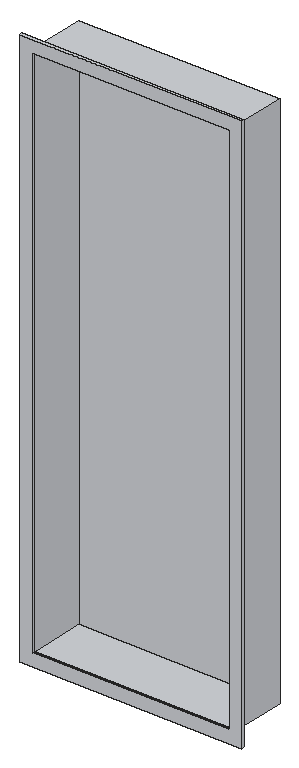
Revit family "Hager-Volta-IP30-Hollow_wall-empty-NoHosted-CH-en", category Electrical Equipment, Revit 2020
Family settings
  Panel Configuration = Two Columns, Circuits Across
  Round Connector Dimension = Use Diameter
  Part Type = Panelboard
  Work Plane-Based = Yes
  Always vertical = Yes
  Cut with Voids When Loaded = No
  Shared = No
  Room Calculation Point = No
Parameters (values of type "Recessed mounted  W330 H880 D94.5 12 Modular spacings - VH60NK")
  Width Control [instance] = if([HG000006 - Flush mounted], if([EF000846 - Built-in width] > min_whd, [EF000846 - Built-in width], min_whd), if([EF000008 - Width] > min_whd, ([EF000008 - Width]), min_whd))  # 314 mm
  Void Depth [instance] = if([EF000218 - Built-in depth] > 1 mm, [EF000218 - Built-in depth], 1 mm)  # 90 mm
  Type Comments = [HG000003 - Range]  # "Volta"
  System Height [instance] = Height Control - 2 * [HG000005 - Thickness]  # 840 mm
  Panel Name [instance] = ""  # (empty or 0)
  Offset [instance] = 0 mm
  Model = [HG000004 - Manufacturer reference]  # "VH60NK"
  Level Offset [instance] = [Flush Mounted - Door Frame Width] + Offset  # 34 mm
  HG000017 - Distance between poles = 18 mm
  HG000016 - Door 3d visibility [instance] = yes
  HG000015 - Clearance visibility [instance] = no
  HG000014 - Door on the right [instance] = yes
  HG000013 - Door on the left [instance] = not([HG000014 - Door on the right])  # no
  HG000012 - Door swing angle [instance] = 45.00°
  HG000011 - Empty rows from bottom = no
  HG000010 - Asymmetric doors = no
  HG000009 - Double swing door = no
  HG000008 - Number of empty rows = 0
  HG000007 - Number of empty columns = 0
  HG000006 - Flush mounted = yes
  HG000005 - Thickness = 3 mm  # constant formula
  HG000004 - Manufacturer reference = "VH60NK"
  HG000003 - Range = "Volta"
  HG000002 - With door or cover = no
  HG000001 - Number of columns = 0
  EF015941 - Signal passing door = no
  EF015777 - Neutral terminal block = no
  EF015776 - Earthing terminal block = no
  EF009212 - Cover model = "EV000116 - Closed"
  EF006306 - With lock = no
  EF006244 - Transparent cover/door = no
  EF005474 - Degree of protection (IP) = ""
  EF004462 - Type of closure = ""
  EF002950 - Width in number of modular spacings = 12
  EF001596 - Material housing = "EV000139 - Plastic"
  EF001134 - DIN-rail = no
  EF001131 - Internal depth = 92 mm
  EF001088 - Extension possible = yes
  EF001062 - EMC-version = yes
  EF000846 - Built-in width = 314 mm
  EF000339 - Type of cover = ""
  EF000332 - Built-in height = 846 mm
  EF000266 - Number of rows = 5
  EF000218 - Built-in depth = 90 mm
  EF000118 - With mounting plate = no
  EF000116 - RAL-number = "9010"
  EF000049 - Depth = 94 mm
  EF000040 - Height = 880 mm
  EF000008 - Width = 330 mm
  EF000007 - Colour = "EV000202 - White"
  EF000003 - Mounting method = "EV000128 - Hollow wall"
  Description = ""
  Default Elevation = 1219.2 mm
  Arrow Offset [instance] = Depth Control / 8  # 11.25 mm
  Arrow Height [instance] = Depth Control - Arrow Offset  # 78.75 mm
  Host Offset [instance] = if([HG000006 - Flush mounted], 0 mm, [EF000049 - Depth])  # 0 mm
  min_whd [instance] = (2 * [HG000005 - Thickness]) + 1 mm  # 7 mm
  Manufacturer = "Hager"  # constant formula
  Height Control [instance] = if([HG000006 - Flush mounted], if([EF000332 - Built-in height] > min_whd, [EF000332 - Built-in height], min_whd), if([EF000040 - Height] > min_whd, ([EF000040 - Height]), min_whd))  # 846 mm
  Flush Mounted - Door Frame Width [instance] = if(([EF000040 - Height] - [EF000332 - Built-in height]) > 0 mm, if([HG000006 - Flush mounted], [EF000040 - Height] - [EF000332 - Built-in height], 0 mm), 0 mm)  # 34 mm
  Depth Control [instance] = if([HG000006 - Flush mounted], if([EF000218 - Built-in depth] > 0 mm, [EF000218 - Built-in depth], 1 mm), if([EF000049 - Depth] > 0 mm, ([EF000049 - Depth]), 1 mm))  # 90 mm
Types (5, lengths in mm): name | System Height | Model | Level Offset | HG000004 - Manufacturer reference | EF000332 - Built-in height | EF000266 - Number of rows | EF000040 - Height | Height Control | Flush Mounted - Door Frame Width
  Recessed mounted  W330 H355 D94.5 12 Modular spacings - VH12NK | 340 | "VH12NK" | 9 | "VH12NK" | 346 | 1 | 355 | 346 | 9
  Recessed mounted  W330 H484 D94.5 12 Modular spacings - VH24NK | 465 | "VH24NK" | 13 | "VH24NK" | 471 | 2 | 484 | 471 | 13
  Recessed mounted  W330 H609 D94.5 12 Modular spacings - VH36NK | 590 | "VH36NK" | 13 | "VH36NK" | 596 | 3 | 609 | 596 | 13
  Recessed mounted  W330 H734 D94.5 12 Modular spacings - VH48NK | 715 | "VH48NK" | 13 | "VH48NK" | 721 | 4 | 734 | 721 | 13
  Recessed mounted  W330 H880 D94.5 12 Modular spacings - VH60NK | 840 | "VH60NK" | 34 | "VH60NK" | 846 | 5 | 880 | 846 | 34
Reference planes
  plane 1 "Center (Front/Back)": y = 0
  plane 2: z = 0
  plane 3 "Center (Left/Right)": x = 0
  plane 4: y = 37
  plane 5: y = 90
  plane 6: y = 34
  plane 7: z = 0
  plane 8: x = -157
  plane 9: x = 157
  plane 10: x = 154
  plane 11: x = -154
  plane 12: z = 34
  plane 13: z = 37
  plane 14: y = 5
  plane 15: y = 0
  plane 16: y = 87
  plane 17: z = 877
  plane 18: z = 880
  plane 19: z = 457
  plane 20: x = 0
  plane 21: y = -100
Forms (mm)
  Extrusion 1, solid
    sketch origin (-208.679, -4572, 34) x (-1, 0, 0) y (0, -1, 0)
      loop
        line (-51.679, -4572) -> (-365.679, -4572) -> (-365.679, -4662) -> (-51.679, -4662) -> (-51.679, -4572)
    from 0 to 846 <- "Height Control"
  Extrusion 2, void
    sketch origin (-350.771, 0, 1219.2) x (1, 0, 0) y (0, 0, 1)
      loop
        line (196.771, -342.2) -> (196.771, -1182.2) -> (504.771, -1182.2) -> (504.771, -342.2) -> (196.771, -342.2)
    from 0 to -87
  Extrusion 3, solid, detail levels coarse+medium
    sketch origin (-350.771, 0, 1219.2) x (-1, 0, 0) y (0, 0, 1)
      loop
        line (-196.771, -342.2) -> (-504.771, -342.2) -> (-504.771, -1182.2) -> (-196.771, -1182.2) -> (-196.771, -342.2)
    from 0 to 3 <- "HG000005 - Thickness"
Cuts and joins
  Extrusion 2 cuts Extrusion 1
Dimensions and locks
  "Flush Mounted - Door Frame Width": plane 1 "Center (Front/Back)" to plane 6
  "HG000005 - Thickness": plane 4 to plane 6
  "HG000005 - Thickness": plane 8 to plane 11
  "HG000005 - Thickness": plane 9 to plane 10
  equal spacing: plane 8, plane 3 "Center (Left/Right)", plane 9
  "Width Control": plane 8 to plane 9
  locked: plane 14 to plane 15 at 5
  "Host Offset": plane 1 "Center (Front/Back)" to plane 15
  "Depth Control": plane 5 to plane 15
  "HG000005 - Thickness": plane 5 to plane 16
  "HG000005 - Thickness": plane 13 to plane 12
  "Level Offset": plane 12 to level
  "HG000005 - Thickness": plane 18 to plane 17
  "Height Control": plane 18 to plane 12
  "Arrow Offset": plane 5 to nested 4
  equal spacing: plane 18, plane 19, plane 12
  locked: connector elem to plane 19
  locked: connector elem to plane 3 "Center (Left/Right)"
  aligned and locked: nested 1 to plane 14
  aligned and locked: plane 3 "Center (Left/Right)" to nested 1
  aligned and locked: plane 3 "Center (Left/Right)" to nested 2
  aligned and locked: nested 2 to plane 15
  aligned and locked: plane 5 to Extrusion 1
  aligned and locked: Extrusion 3 sketch curve to plane 17
  aligned and locked: Extrusion 3 sketch curve to plane 11
  aligned and locked: plane 13 to Extrusion 3 sketch curve
  aligned and locked: Extrusion 3 sketch curve to plane 10
  aligned and locked: plane 13 to Extrusion 2 sketch curve
  aligned and locked: Extrusion 2 sketch curve to plane 10
  aligned and locked: Extrusion 2 sketch curve to plane 17
  aligned and locked: Extrusion 2 sketch curve to plane 11
  aligned and locked: plane 16 to Extrusion 2
  aligned and locked: plane 5 to Extrusion 1 sketch curve
  aligned and locked: plane 9 to Extrusion 1 sketch curve
  aligned and locked: plane 8 to Extrusion 1 sketch curve
  aligned and locked: plane 8 to nested 4
  aligned and locked: plane 8 to nested 3
  aligned and locked: nested 3 to plane 5
  aligned and locked: Extrusion 1 sketch curve to plane 15
  aligned and locked: Extrusion 2 to plane 15
Nested families
  nested 1: "Hager_Enclosure_System" at (0, 5, 37), Flush_Mounted <- "HG000006 - Flush mounted", Width <- "EF000008 - Width", Height <- "System Height", Width_Control <- "Width Control", Row_Module_Multiplicator <- "EF002950 - Width in number of modular spacings", Empty_Columns <- "HG000007 - Number of empty columns", Built-in_Width <- "EF000846 - Built-in width", Border <- "HG000005 - Thickness", Total_No_Empty_Rows <- "HG000008 - Number of empty rows", Depth <- "HG000005 - Thickness", Empty_Rows_From_Bottom <- "HG000011 - Empty rows from bottom", Distance_Between_Poles <- "HG000017 - Distance between poles", Rows_Count <- "EF000266 - Number of rows", Columns_Count <- "HG000001 - Number of columns", type "Hager_Enclosure_System", detail levels medium+fine
    with Width_Control 314 mm, Width 330 mm, Total_No_Rows 5, Total_No_Empty_Rows 0, Total_No_Columns 1, System_Width 308 mm, Rows_Count 5, Rows_Column 5, Row_Module_Multiplicator 12, Panel_4 no, Panel_3 no, Panel_2 no, Panel_1 no, No_Panels_Ctrl 1, Hide_Columns yes, Height 840 mm, Flush_Mounted yes, Empty_Rows_From_Bottom no, Empty_Rows_Column 0, Empty_Columns 0, Distance_Between_Poles 18 mm, Depth 3 mm, Columns_Count 0, Column_Width 308 mm, Built-in_Width 314 mm, Border 3 mm
  nested 2: "Hager_Enclosure_Door" at (0, 0, 34), Double <- "HG000009 - Double swing door", Height_Ctrl <- "Height Control", Transparent <- "EF006244 - Transparent cover/door", Depth <- "EF000049 - Depth", Height <- "EF000040 - Height", Angle <- "HG000012 - Door swing angle", Door_Right <- "HG000014 - Door on the right", Assymetrical <- "HG000010 - Asymmetric doors", Flush_Mounted <- "HG000006 - Flush mounted", BuiltIn_Depth <- "EF000218 - Built-in depth", BuiltIn_Width <- "EF000846 - Built-in width", Door <- "HG000002 - With door or cover", Width_Ctrl <- "Width Control", 3d_Door <- "HG000016 - Door 3d visibility", Width <- "EF000008 - Width", Border <- "HG000005 - Thickness", BuiltIn_Height <- "EF000332 - Built-in height", Clearance <- "HG000015 - Clearance visibility", Door_Left <- "HG000013 - Door on the left", type "Hager_Enclosure_Door", detail levels medium+fine
    with min_wh 7 mm, Width_Ctrl 314 mm, Width 330 mm, Transparent_Door_No_Bottom_Border no, Transparent no, Leaf_Width 305 mm, Leaf_Tolerance 1.5 mm, Leaf_Height 837 mm, Leaf_2_Width 305 mm, Leaf_2_Offset 152.5 mm, Leaf_1_Width 305 mm, Leaf_1_Offset 152.5 mm, Height_Ctrl 846 mm, Height 880 mm, Frame_Width_Ctrl 16 mm, Frame_Width 16 mm, Frame_Internal_Offset 3 mm, Frame_Height_Ctrl 34 mm, Frame_Height 34 mm, Frame_Depth_Ctrl 4 mm, Frame_Depth 4 mm, Flush_Mounted yes, Double_Clearance_Ctrl no, Double no, Door_Right_Ctrl no, Door_Right yes, Door_Left_Ctrl no, Door_Left no, Door no, Depth 94 mm, Clearance_Depth 305 mm, Clearance_Ctrl no, Clearance no, BuiltIn_Width 314 mm, BuiltIn_Height 846 mm, BuiltIn_Depth 90 mm, Border 3 mm, Assymetrical no, Angle 45.00°, 3d_Door yes
  nested 3: "Hager_Enclosure_Symbol_Triangle" at (-157, 90, 0), Depth <- "Depth Control", Width <- "Width Control", type "Hager_Enclosure_Symbol_Triangle"
    with Width_Ctrl 314 mm, Width 314 mm, Depth_Ctrl 90 mm, Depth 90 mm
  nested 4: "Hager_Enclosure_Symbol_Arrow" at (-157, 78.75, 0), Height <- "Arrow Height", type "Hager_Enclosure_Symbol_Arrow"
    with Width_Inside 5.906 mm, Width 70.875 mm, Height_Ctrl 78.75 mm, Height 78.75 mm
Connectors
  electrical at (0, 90, 457)
    settings: on plane 5, index 1, voltage 0 V, apparent load 0 VA, apparent load phase1 0 VA, apparent load phase2 0 VA, apparent load phase3 0 VA, power factor 1, load classification "Other", number of poles 1, system type 30, power factor state 1, is connector primary yes, connector utility no, sub classification motor no, connector description ""
Definition of nested family "Hager_Enclosure_Door"
  Parameters (values of type "Hager_Enclosure_Door")
    min_wh [instance] = (2 * Border) + 1 mm  # 11 mm
    Width_Ctrl [instance] = 400 mm
    Width [instance] = 500 mm
    Transparent_Door_No_Bottom_Border [instance] = no
    Transparent [instance] = yes
    Leaf_Width [instance] = if((Width_Ctrl - 2 * Border - 2 * Leaf_Tolerance) > 0 mm, (Width_Ctrl - 2 * Border - 2 * Leaf_Tolerance), min_wh)  # 387 mm
    Leaf_Tolerance [instance] = 1.5 mm  # constant formula
    Leaf_Height [instance] = if((Height_Ctrl - 2 * Border - 2 * Leaf_Tolerance) > 0 mm, (Height_Ctrl - 2 * Border - 2 * Leaf_Tolerance), min_wh)  # 387 mm
    Leaf_2_Width [instance] = if(and(and(Double, Assymetrical), Door_Left), (Leaf_Width / 3) - (Leaf_Tolerance / 2), if(and(and(Double, Assymetrical), Door_Right), (Leaf_Width / 3) * 2 - (Leaf_Tolerance / 2), if(and(Double, not(Assymetrical)), (Leaf_Width / 2) - Leaf_Tolerance, Leaf_Width)))  # 387 mm
    Leaf_2_Offset [instance] = if(and(Double, Assymetrical), Leaf_2_Width / 2, if(and(Double, not(Assymetrical)), Leaf_Width / 4, Leaf_Width / 2))  # 193.5 mm
    Leaf_1_Width [instance] = if(and(and(Double, Assymetrical), Door_Right), (Leaf_Width / 3) - (Leaf_Tolerance / 2), if(and(and(Double, Assymetrical), Door_Left), (Width / 3) * 2 - (Leaf_Tolerance / 2), if(and(Double, not(Assymetrical)), (Leaf_Width / 2) - Leaf_Tolerance, Leaf_Width)))  # 387 mm
    Leaf_1_Offset [instance] = if(and(Double, Assymetrical), Leaf_1_Width / 2, if(and(Double, not(Assymetrical)), Leaf_Width / 4, Leaf_Width / 2))  # 193.5 mm
    Height_Ctrl [instance] = 400 mm
    Height [instance] = 500 mm
    Frame_Width_Ctrl [instance] = if(Frame_Width > 0 mm, Frame_Width, 1 mm)  # 1 mm
    Frame_Width [instance] = Width - BuiltIn_Width  # 0 mm
    Frame_Internal_Offset [instance] = if(Flush_Mounted, Border, 0 mm)  # 5 mm
    Frame_Height_Ctrl [instance] = if(Frame_Height > 0 mm, Frame_Height, 1 mm)  # 1 mm
    Frame_Height [instance] = Height - BuiltIn_Height  # 0 mm
    Frame_Depth_Ctrl [instance] = if(Frame_Depth > 0 mm, Frame_Depth, 1 mm)  # 1 mm
    Frame_Depth [instance] = if(Depth - BuiltIn_Depth > 0 mm, if(Flush_Mounted, Depth - BuiltIn_Depth, 0 mm), 0 mm)  # 0 mm
    Flush_Mounted [instance] = yes
    Double_Clearance_Ctrl [instance] = and(Double, Clearance)  # no
    Double [instance] = no
    Door_Right_Ctrl [instance] = and(or(Door_Right, Double), Door)  # yes
    Door_Right [instance] = yes
    Door_Left_Ctrl [instance] = and(or(Door_Left, Double), Door)  # no
    Door_Left [instance] = no
    Door [instance] = yes
    Depth [instance] = 500 mm
    Default Elevation = 1219.2 mm
    Clearance_Material = none
    Clearance_Depth [instance] = if(Leaf_1_Width > Leaf_2_Width, Leaf_1_Width, Leaf_2_Width)  # 387 mm
    Clearance_Ctrl [instance] = and(not(Double), Clearance)  # yes
    Clearance [instance] = yes
    BuiltIn_Width [instance] = 500 mm
    BuiltIn_Height [instance] = 500 mm
    BuiltIn_Depth [instance] = 500 mm
    Border [instance] = 5 mm
    Assymetrical [instance] = yes
    Angle [instance] = 30.00°
    3d_Door [instance] = yes
  Reference planes
    plane 1 "Center (Front/Back)": y = 0
    plane 2 "Bottom": z = 0
    plane 3 "Center (Left/Right)": x = 0
    plane 4: z = 400
    plane 5: x = -200
    plane 6: x = 200
    plane 7: z = 395
    plane 8: x = -195
    plane 9: z = 5
    plane 10: x = 195
    plane 11: y = 0
    plane 12: z = 6.5
    plane 13: x = -582
    plane 14: y = -387
    plane 15: x = 582
    plane 16: x = 0
    plane 17: x = 0
    plane 18: x = -193.5
    plane 19: x = 193.5
    plane 20: z = 393.5
  Forms (mm)
    Extrusion 1, solid, visible <- "Flush_Mounted"
      sketch origin (0, 0, 0) x (1, 0, 0) y (0, 0, 1)
        loop
          line (195, 5) -> (195, 395) -> (-195, 395) -> (-195, 5) -> (195, 5)
        loop
          line (-201, 401) -> (-201, -1) -> (201, -1) -> (201, 401) -> (-201, 401)
      from 0 to 1 <- "Frame_Depth_Ctrl"
    Extrusion 2, solid, material <- "Clearance_Material", visible <- "Double_Clearance_Ctrl"
      sketch origin (1200, 0, 0) x (1, 0, 0) y (0, 0, -1)
        loop
          line (-1782, -393.5) -> (-618, -393.5) -> (-618, 0) -> (-1782, 0) -> (-1782, -393.5)
      from 0 to -387
  Dimensions and locks
    equal spacing: plane 5, plane 3 "Center (Left/Right)", plane 6
    "Width_Ctrl": plane 5 to plane 6
    "Border": plane 5 to plane 8
    "Border": plane 6 to plane 10
    "Border": plane 9 to level
    "Border": plane 4 to plane 7
    "Height_Ctrl": plane 4 to level
    "Leaf_Tolerance": plane 12 to plane 9
    "Frame_Depth": plane 11 to plane 1 "Center (Front/Back)"
    "Frame_Width_Ctrl": plane 5 to Extrusion 1 sketch curve
    "Frame_Width_Ctrl": plane 6 to Extrusion 1 sketch curve
    "Frame_Width_Ctrl": Extrusion 1 sketch curve to plane 4
    "Frame_Width_Ctrl": plane 2 "Bottom" to Extrusion 1 sketch curve
    "Leaf_1_Offset": plane 18 to plane 16
    "Leaf_2_Offset": plane 17 to plane 19
    "Leaf_1_Width": plane 13 to plane 8
    "Leaf_2_Width": plane 10 to plane 15
    "Clearance_Depth": plane 14 to plane 1 "Center (Front/Back)"
    "Leaf_Tolerance": plane 8 to plane 18
    "Leaf_Tolerance": plane 19 to plane 10
    "Leaf_Tolerance": plane 7 to plane 20
    "Frame_Internal_Offset": plane 5 to Extrusion 1 sketch curve
    "Frame_Internal_Offset": Extrusion 1 sketch curve to plane 2 "Bottom"
    "Frame_Internal_Offset": plane 6 to Extrusion 1 sketch curve
    "Frame_Internal_Offset": plane 4 to Extrusion 1 sketch curve
    aligned and locked: level to plane 2 "Bottom"
    aligned and locked: nested 1 to plane 16
    aligned and locked: nested 2 to plane 17
    aligned and locked: Extrusion 2 to plane 13
    aligned and locked: plane 15 to Extrusion 2
    aligned and locked: Extrusion 2 to plane 14
    aligned and locked: plane 12 to nested 1
    aligned and locked: nested 2 to plane 12
    aligned and locked: Extrusion 2 to plane 11
    aligned and locked: plane 20 to Extrusion 2
    aligned and locked: nested 2 to plane 11
    aligned and locked: nested 1 to plane 11
  Automatic sketch dimensions
    Extrusion 2 sketch curve to level = 0 mm
    plane 5 to Extrusion 2 sketch curve = 382 mm
    plane 6 to Extrusion 2 sketch curve = 382 mm
    Extrusion 2 sketch curve to plane 4 = 6.5 mm
  Nested families
    nested 1: "Hager_Enclosure_Door_Leaf" at (0, 0, 6.5), Width <- "Leaf_1_Width", visible <- "Door_Left_Ctrl", Leaf_Height <- "Leaf_Height", Angle <- "Angle", Depth <- "Border", 3d_Door <- "3d_Door", Transparent <- "Transparent", Clearance Material <- "Clearance_Material", Clearance <- "Clearance_Ctrl", Transparent_Door_No_Bottom_Border <- "Transparent_Door_No_Bottom_Border", type "Hager_Enclosure_Door_Leaf"
      with Width 387 mm, Transparent_Door_No_Bottom_Border no, Transparent_Door_Border_Bottom_Top 25 mm, Transparent_Door_Border 25 mm, Transparent_Ctrl yes, Transparent yes, Standard no, Leaf_Height 387 mm, Glass_Offset 1 mm, Depth 5 mm, Clearance Material none, Clearance yes, Angle_Ctrl 30.00°, Angle 30.00°, 3d_Door yes
    nested 2: "Hager_Enclosure_Door_Leaf" at (0, 0, 6.5) x (-1, 0, 0) z (0, 0, 1), Width <- "Leaf_2_Width", visible <- "Door_Right_Ctrl", Leaf_Height <- "Leaf_Height", Angle <- "Angle", Depth <- "Border", 3d_Door <- "3d_Door", Transparent <- "Transparent", Clearance Material <- "Clearance_Material", Clearance <- "Clearance_Ctrl", Transparent_Door_No_Bottom_Border <- "Transparent_Door_No_Bottom_Border", type "Hager_Enclosure_Door_Leaf"
      with Width 387 mm, Transparent_Door_No_Bottom_Border no, Transparent_Door_Border_Bottom_Top 25 mm, Transparent_Door_Border 25 mm, Transparent_Ctrl yes, Transparent yes, Standard no, Leaf_Height 387 mm, Glass_Offset 1 mm, Depth 5 mm, Clearance Material none, Clearance yes, Angle_Ctrl 30.00°, Angle 30.00°, 3d_Door yes
  Definition of nested family "Hager_Enclosure_Door_Leaf"
    Parameters (values of type "Hager_Enclosure_Door_Leaf")
      Width [instance] = 2000 mm
      Transparent_Door_No_Bottom_Border [instance] = yes
      Transparent_Door_Border_Bottom_Top [instance] = if(Transparent_Door_No_Bottom_Border, 0.1 mm, Transparent_Door_Border)  # 0.1 mm
      Transparent_Door_Border [instance] = if(Transparent_Door_No_Bottom_Border, (Width * 0.12), 25 mm)  # 240 mm
      Transparent_Ctrl [instance] = and(Transparent, [3d_Door])  # yes
      Transparent [instance] = yes
      Standard [instance] = and(not(Transparent), [3d_Door])  # no
      Leaf_Height [instance] = 2720.336 mm
      Glass_Offset [instance] = if((Depth - 10 mm) / 2 > 0 mm, (Depth - 10 mm) / 2, 1 mm)  # 15 mm
      Glass_Material = none
      Depth [instance] = 40 mm
      Default Elevation = 0 mm
      Clearance Material [instance] = none
      Clearance [instance] = yes
      Angle_Ctrl [instance] = if(Angle > 170.00°, 170.00°, Angle)  # 45.00°
      Angle [instance] = 45.00°
      3d_Door [instance] = yes
    Reference planes
      plane 1 "Center (Front/Back)": y = 0
      plane 2: z = 0
      plane 3 "Center (Left/Right)": x = 0
      plane 4: y = 2000
      plane 5: x = -1000
      plane 6: x = 1000
      plane 7: x = -3000
      plane 8: z = 2720.336
      plane 9: z = 0.1
      plane 10: z = 2720.236
      plane 11: x = 760
      plane 12: x = -760
    Forms (mm)
      Extrusion 1, solid, material <- "Clearance Material", visible <- "Clearance"
        sketch origin (0, 0, 0) x (1, 0, 0) y (0, 0, 1)
          loop
            line (-3000, 2720.336) -> (-3000, 0) -> (1000, 0) -> (1000, 2720.336) -> (-3000, 2720.336)
        from 0 to -2000
      Extrusion 2, solid, visible <- "Standard", detail levels medium+fine
        sketch origin (-1000, 0, 0) x (0.707107, 0.707107, 0) y (-0.707107, 0.707107, 0)
          loop
            line (0, -40) -> (2000, -40) -> (2000, 0) -> (0, 0) -> (0, -40)
        from 0 to 2720.336 <- "Leaf_Height"
      Extrusion 3, solid, visible <- "Transparent_Ctrl", detail levels medium+fine
        sketch origin (-1000, 0, 0) x (0.707107, 0.707107, 0) y (-0.707107, 0.707107, 0)
          loop
            line (0, -40) -> (2000, -40) -> (2000, 0) -> (0, 0) -> (0, -40)
        from 0 to 2720.336 <- "Leaf_Height"
      Extrusion 4, void, detail levels medium+fine
        sketch origin (-1000, 0, 0) x (-0.707107, 0.707107, 0) y (0.707107, 0.707107, 0)
          loop
            line (0, 240) -> (0, 1760) -> (-40, 1760) -> (-40, 240) -> (0, 240)
        from -2720.236 to -0.1
      Extrusion 5, solid, material <- "Glass_Material", visible <- "Transparent_Ctrl", detail levels medium+fine
        sketch origin (-1000, 0, 0) x (0.707107, 0.707107, 0) y (-0.707107, 0.707107, 0)
          loop
            line (240, -15) -> (240, -25) -> (1760, -25) -> (1760, -15) -> (240, -15)
        from 0.1 to 2720.236
    Cuts and joins
      Extrusion 4 cuts Extrusion 3
    Lines and regions (mm)
      symbolic lines
        curve 1: line (1000, 0, 0) -> (-3000, 0, 0)
        curve 2: arc (1000, 0, 0) -> (-1000, 2000, 0) -> (-3000, 0, 0) r 2000
        curve 4: line (-1000, 0, 0) -> (414.214, 1414.214, 0)
      reference lines
        curve 3: line (-1000, 0, 0) -> (414.214, 1414.214, 0)
      symbolic lines, detail levels medium+fine
        curve 5: line (414.214, 1414.214, 0) -> (442.498, 1385.929, 0)
        curve 6: line (442.498, 1385.929, 0) -> (-971.716, -28.284, 0)
        curve 7: line (-971.716, -28.284, 0) -> (-1000, 0, 0)
        curve 8: line (-1000, 0, 2720.336) -> (1000, 0, 2720.336)
        curve 9: line (-1000, 0, 0) -> (-1000, 0, 2720.336)
        curve 10: line (1000, 0, 0) -> (-1000, 0, 0)
        curve 11: line (1000, 0, 2720.336) -> (1000, 0, 0)
      symbolic lines, visible <- "Transparent_Ctrl", detail levels medium+fine
        curve 12: line (-760, 0, 2720.236) -> (760, 0, 2720.236)
        curve 13: line (-760, 0, 0.1) -> (-760, 0, 2720.236)
        curve 14: line (760, 0, 0.1) -> (-760, 0, 0.1)
        curve 15: line (760, 0, 2720.236) -> (760, 0, 0.1)
    Dimensions and locks
      "Width": plane 1 "Center (Front/Back)" to plane 4
      equal spacing: plane 5, plane 3 "Center (Left/Right)", plane 6
      "Width": plane 5 to plane 6
      "Width": plane 7 to plane 5
      "Leaf_Height": plane 8 to level
      "Depth": curve 6 to curve 3
      "Width": curve 5 to curve 3
      "Width": curve 3 to curve 3
      "Transparent_Door_Border": Extrusion 4 sketch curve to curve 7
      "Transparent_Door_Border": Extrusion 4 sketch curve to curve 5
      "Transparent_Door_Border_Bottom_Top": plane 8 to plane 10
      "Transparent_Door_Border_Bottom_Top": plane 9 to level
      "Glass_Offset": Extrusion 5 sketch curve to curve 4
      "Glass_Offset": Extrusion 5 sketch curve to curve 6
      "Transparent_Door_Border": Extrusion 5 sketch curve to curve 5
      "Transparent_Door_Border": Extrusion 5 sketch curve to curve 7
      "Transparent_Door_Border": plane 12 to plane 5
      "Transparent_Door_Border": plane 6 to plane 11
      "Angle_Ctrl": angle plane 1 "Center (Front/Back)" to curve 3
      aligned and locked: level to plane 2
      aligned and locked: Extrusion 1 to curve 1
      aligned and locked: plane 6 to Extrusion 1
      aligned and locked: Extrusion 1 to plane 1 "Center (Front/Back)"
      aligned and locked: plane 4 to Extrusion 1
      aligned and locked: plane 8 to Extrusion 1
      aligned and locked: curve 4 to curve 3
      aligned and locked: Extrusion 2 sketch curve to curve 7
      aligned and locked: Extrusion 2 sketch curve to curve 6
      aligned and locked: Extrusion 2 sketch curve to curve 5
      aligned and locked: Extrusion 2 sketch curve to curve 3
      aligned and locked: curve 7 to Extrusion 3 sketch curve
      aligned and locked: Extrusion 3 sketch curve to curve 4
      aligned and locked: Extrusion 3 sketch curve to curve 6
      aligned and locked: Extrusion 3 sketch curve to curve 5
      aligned and locked: curve 4 to Extrusion 4 sketch curve
      aligned and locked: curve 6 to Extrusion 4 sketch curve
      aligned and locked: Extrusion 4 to plane 9
      aligned and locked: Extrusion 4 to plane 10
      aligned and locked: Extrusion 5 to plane 9
      aligned and locked: Extrusion 5 to plane 10
      aligned and locked: curve 8 to plane 8
      aligned and locked: plane 5 to curve 9
      aligned and locked: plane 2 to curve 10
      aligned and locked: curve 11 to plane 6
      aligned and locked: plane 10 to curve 12
      aligned and locked: plane 12 to curve 13
      aligned and locked: curve 14 to plane 9
      aligned and locked: plane 11 to curve 15
    Automatic sketch dimensions
      plane 1 "Center (Front/Back)" to curve 2 = 0 mm
      curve 2 to plane 5 = 0 mm
      Extrusion 1 sketch curve to level = 0 mm
      Extrusion 1 sketch curve to plane 7 = 0 mm
      Extrusion 1 sketch curve to plane 6 = 0 mm
      Extrusion 1 sketch curve to plane 8 = 0 mm
      plane 1 "Center (Front/Back)" to curve 3 = 0 mm
      curve 3 to plane 5 = 0 mm
      curve 7 to curve 3 = 0 mm
Definition of nested family "Hager_Enclosure_Symbol_Triangle"
  Parameters (values of type "Hager_Enclosure_Symbol_Triangle")
    Width_Ctrl [instance] = if(Width > 1 mm, Width, 1 mm)  # 498 mm
    Width [instance] = 498 mm
    Depth_Ctrl [instance] = if(Depth > 1 mm, Depth, 1 mm)  # 72 mm
    Depth [instance] = 72 mm
  Reference planes
    plane 1 "Centre (avant/arrière)": y = 0
    plane 2: z = 0
    plane 3 "Centre (gauche/droite)": x = 0
  Lines and regions (mm)
    Filled region 1, type "Solid_Black", in view "Niveau de réf."
      outline origin (0, 0, 0) x (1, 0, 0) y (0, 1, 0)
        loop
          line (0, 0) -> (498, 0) -> (498, 72) -> (0, 0)
    reference lines, in view "Niveau de réf."
      curve 1: line (-206.153, 72, 0) -> (1083.258, 72, 0)
      curve 2: line (498, 405.456, 0) -> (498, -517.619, 0)
  Dimensions and locks
    "Depth_Ctrl": plane 1 "Centre (avant/arrière)" to curve 1
    "Width_Ctrl": plane 3 "Centre (gauche/droite)" to curve 2
    aligned and locked: curve 1 to Filled region 1 sketch curve
    aligned and locked: Filled region 1 sketch curve to plane 1 "Centre (avant/arrière)"
    aligned and locked: curve 2 to Filled region 1 sketch curve
    aligned and locked: plane 3 "Centre (gauche/droite)" to Filled region 1 sketch curve
    aligned and locked: plane 1 "Centre (avant/arrière)" to Filled region 1 sketch curve
  Automatic sketch dimensions
    curve 1 to plane 3 "Centre (gauche/droite)" = 206.153 mm
    curve 2 to curve 1 = 585.258 mm
    plane 1 "Centre (avant/arrière)" to curve 2 = 517.619 mm
    curve 2 to plane 1 "Centre (avant/arrière)" = 405.456 mm
Definition of nested family "Hager_Enclosure_Symbol_Arrow"
  Parameters (values of type "Hager_Enclosure_Symbol_Arrow")
    Width_Inside [instance] = if(Width / 12 > 2 mm, Width / 12, 2 mm)  # 4.987 mm
    Width [instance] = if(Height_Ctrl * 0.9 > 2 mm, Height_Ctrl * 0.9, 2 mm)  # 59.85 mm
    Height_Ctrl [instance] = if(Height > 2 mm, Height, 2 mm)  # 66.5 mm
    Height [instance] = 66.5 mm
  Reference planes
    plane 1 "Centre (avant/arrière)": y = 0
    plane 2: z = 0
    plane 3 "Centre (gauche/droite)": x = 0
    plane 4: x = 59.85
    plane 5: y = 28.263
    plane 6: y = 38.238
    plane 7: y = 66.5
    plane 8: x = 29.925
    plane 9: y = 33.25
  Lines and regions (mm)
    Filled region 1, type "Solid_Black", in view "Niveau de réf."
      outline origin (0, 0, 0) x (1, 0, 0) y (0, 1, 0)
        loop
          line (59.85, 66.5) -> (37.929, 52.827) -> (51.846, 41.935) -> (59.85, 66.5)
    detail lines, in view "Niveau de réf."
      curve 1: line (0, 0, 0) -> (29.925, 38.238, 0)
      curve 2: line (29.925, 38.238, 0) -> (29.925, 28.263, 0)
      curve 3: line (29.925, 28.263, 0) -> (59.85, 66.5, 0)
  Dimensions and locks
    "Width": plane 3 "Centre (gauche/droite)" to plane 4
    "Height_Ctrl": plane 7 to plane 1 "Centre (avant/arrière)"
    equal spacing: plane 3 "Centre (gauche/droite)", plane 8, plane 4
    equal spacing: plane 7, plane 9, plane 1 "Centre (avant/arrière)"
    equal spacing: plane 6, plane 9, plane 5
    "Width_Inside": plane 6 to plane 9
    equal spacing: curve 3, Filled region 1 sketch curve, Filled region 1 sketch curve
    angle Filled region 1 sketch curve to curve 3 = 20.00°
    angle curve 3 to Filled region 1 sketch curve = 20.00°
    locked: curve 3 to Filled region 1 sketch curve (angle 90.00°)
  Automatic sketch dimensions
    plane 1 "Centre (avant/arrière)" to curve 1 = 0 mm
    curve 1 to plane 3 "Centre (gauche/droite)" = 0 mm
    curve 2 to plane 6 = 0 mm
    curve 3 to plane 8 = 0 mm
    curve 3 to plane 4 = 0 mm
    curve 2 to plane 5 = 0 mm
    curve 3 to plane 7 = 0 mm
    Filled region 1 sketch curve to plane 4 = 0 mm
    Filled region 1 sketch curve to plane 7 = 0 mm
